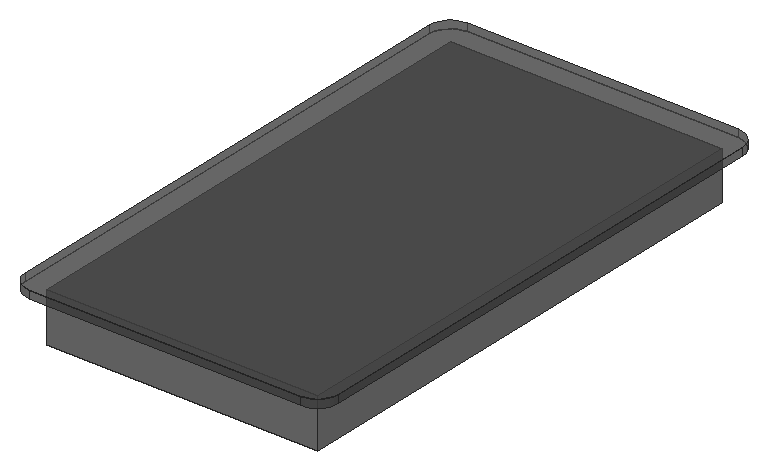
Revit family "Поверхность варочная двухконфорочная", category Оборудование, Revit 2017
Family settings
  Размер круглого соединителя = Использовать диаметр
  Тип детали = Нормальный
  На основе рабочей плоскости = Нет
  Всегда вертикально = Да
  При загрузке вырезать с полостями = Нет
  Общий = Нет
  Точка расчета площади = Нет
Parameters (values of type "Gefest ПВИ 4000")
  Ширина = 300.0 mm
  Число полюсов = 1
  Примечание = ""
  Позиция = ""
  Обозначение = "ПВИ 4000"
  Напряжение = 220 V
  Наименование = "Панель варочная двухконфорочная"
  Мощность номинальная = 3500 W
  Масса = ""
  Код оборудования = "-"
  Keynote = ""
  Изготовитель = "Severin"
  Задание = "ЭМ"
  Завод = "Gefest, Республика Беларусь"
  Единицы = "шт."
  Группа модели = "ТХ"  # constant formula
  Глубина = 525.0 mm
Reference planes
  plane 1 "По центру (Вперед/Назад)": y = 0
  plane 2: z = 0
  plane 3 "По центру (Влево/Вправо)": x = 0
  plane 4: y = 262.5
  plane 5: y = -262.5
  plane 6: x = -150
  plane 7: x = 150
Forms (mm)
  Extrusion 1, solid, material "Стекло чёрное непрозрачное", detail levels fine
    sketch origin (0, 0, 0) x (1, 0, 0) y (0, 1, 0)
      loop
        arc (-130, 262.5) -> (-144.142, 256.642) -> (-150, 242.5) r 20
        line (-150, 242.5) -> (-150, -242.5)
        arc (-150, -242.5) -> (-144.142, -256.642) -> (-130, -262.5) r 20
        line (-130, -262.5) -> (130, -262.5)
        arc (130, -262.5) -> (144.142, -256.642) -> (150, -242.5) r 20
        line (150, -242.5) -> (150, 242.5)
        arc (150, 242.5) -> (144.142, 256.642) -> (130, 262.5) r 20
        line (130, 262.5) -> (-130, 262.5)
    from 10 to 2
  Extrusion 2, solid, material "Стекло чёрное", detail levels fine
    sketch origin (0, 0, 2) x (0, 1, 0) y (1, 0, 0)
      loop
        circle (-175.987, -85.065) r 10
    from 45 to 35
  Extrusion 3, solid, material "Сталь, окрашенная, темно-серая, матовая"
    sketch origin (0, 0, 0) x (1, 0, 0) y (0, 1, 0)
      loop
        line (-130, 242.5) -> (-130, -242.5) -> (130, -242.5) -> (130, 242.5) -> (-130, 242.5)
    from 2 to -45
Lines and regions (mm)
  Split face 1
    outline origin (0, 0, 10) x (1, 0, 0) y (0, 1, 0)
      loop
        circle (0, 132.5) r 100
  Split face 2
    outline origin (0, 0, 10) x (1, 0, 0) y (0, 1, 0)
      loop
        circle (0, -92.5) r 100
  Split face 3
    outline origin (0, 0, 10) x (1, 0, 0) y (0, 1, 0)
      loop
        circle (0, -242.627) r 10
  Split face 4
    outline origin (0, 0, 10) x (1, 0, 0) y (0, 1, 0)
      loop
        circle (50, -242.627) r 10
  Split face 5
    outline origin (0, 0, 10) x (1, 0, 0) y (0, 1, 0)
      loop
        circle (-50, -242.627) r 10
  Split face 6
    outline origin (0, 0, 10) x (1, 0, 0) y (0, 1, 0)
      loop
        circle (0, -221.348) r 5
  Split face 7
    outline origin (0, 0, 10) x (1, 0, 0) y (0, 1, 0)
      loop
        circle (0, 132.5) r 92
  Split face 8
    outline origin (0, 0, 10) x (1, 0, 0) y (0, 1, 0)
      loop
        circle (0, -92.5) r 92
  symbolic lines, detail levels coarse+medium
    curve 1: circle (0, 132.5, 0) r 100 normal (0, 0, 1)
    curve 2: circle (0, -92.5, 0) r 100 normal (0, 0, -1)
    curve 3: circle (0, -221.348, 0) r 5 normal (0, 0, 1)
    curve 4: circle (0, -242.627, 0) r 10 normal (0, 0, 1)
    curve 5: circle (50, -242.627, 0) r 10 normal (0, 0, 1)
    curve 6: circle (-50, -242.627, 0) r 10 normal (0, 0, -1)
    curve 7: circle (0, -92.5, 0) r 100 normal (0, 0, 1)
    curve 8: arc (150, 242.5, 0) -> (144.142, 256.642, 0) -> (130, 262.5, 0) r 20
    curve 9: line (130, 262.5, 0) -> (-130, 262.5, 0)
    curve 10: arc (-130, 262.5, 0) -> (-144.142, 256.642, 0) -> (-150, 242.5, 0) r 20
    curve 11: line (-150, 242.5, 0) -> (-150, -242.5, 0)
    curve 12: arc (-150, -242.5, 0) -> (-144.142, -256.642, 0) -> (-130, -262.5, 0) r 20
    curve 13: line (-130, -262.5, 0) -> (130, -262.5, 0)
    curve 14: arc (130, -262.5, 0) -> (144.142, -256.642, 0) -> (150, -242.5, 0) r 20
    curve 15: line (150, -242.5, 0) -> (150, 242.5, 0)
    curve 16: circle (0, 132.5, 0) r 92 normal (0, 0, 1)
    curve 17: circle (0, -92.5, 0) r 92 normal (0, 0, 1)
Dimensions and locks
  "Ширина": plane 6 to plane 7
  "Глубина": plane 4 to plane 5
  aligned and locked: level to plane 2
Automatic sketch dimensions
  Extrusion 1 sketch curve to plane 6 = 0.0 mm
  Extrusion 1 sketch curve to plane 4 = 0.0 mm
  Extrusion 1 sketch curve to plane 5 = 0.0 mm
  Extrusion 1 sketch curve to plane 7 = 0.0 mm
  plane 6 to Extrusion 1 sketch curve = 20.0 mm
  Extrusion 1 sketch curve to plane 4 = 20.0 mm
  plane 5 to Extrusion 1 sketch curve = 20.0 mm
  Extrusion 1 sketch curve to plane 7 = 20.0 mm
  Extrusion 1 to Extrusion 2 sketch curve = 86.513 mm
  Extrusion 1 to Extrusion 2 sketch curve = 64.935 mm
  Split face 1 sketch curve to Extrusion 1 = 150.0 mm
  Split face 1 sketch curve to Extrusion 1 = 130.0 mm
  curve 1 to curve 16 = 0.0 mm  (x2)
  curve 2 to curve 7 = 0.0 mm
  curve 2 to curve 17 = 0.0 mm  (x2)
  curve 7 to curve 17 = 0.0 mm
  curve 11 to plane 6 = 0.0 mm
  curve 9 to plane 4 = 0.0 mm
  curve 4 to plane 3 "По центру (Влево/Вправо)" = 0.0 mm
  curve 3 to plane 3 "По центру (Влево/Вправо)" = 0.0 mm
  curve 1 to plane 3 "По центру (Влево/Вправо)" = 0.0 mm
  curve 2 to plane 3 "По центру (Влево/Вправо)" = 0.0 mm
  curve 15 to plane 7 = 0.0 mm
  plane 5 to curve 12 = 20.0 mm
  curve 10 to plane 4 = 20.0 mm
  plane 5 to curve 6 = 19.873 mm
  curve 6 to plane 3 "По центру (Влево/Вправо)" = 50.0 mm
  plane 5 to curve 5 = 19.873 mm
  plane 3 "По центру (Влево/Вправо)" to curve 5 = 50.0 mm
  curve 8 to plane 4 = 20.0 mm
  plane 5 to curve 4 = 19.873 mm
  curve 4 to curve 3 = 21.279 mm
  plane 1 "По центру (Вперед/Назад)" to curve 7 = 92.5 mm
  curve 16 to plane 4 = 130.0 mm
  plane 6 to Extrusion 3 sketch curve = 20.0 mm
  Extrusion 3 sketch curve to plane 4 = 20.0 mm
  Extrusion 3 sketch curve to plane 7 = 20.0 mm
  plane 5 to Extrusion 3 sketch curve = 20.0 mm
  curve 13 to plane 5 = 0.0 mm
  curve 13 to plane 7 = 20.0 mm
  radius of Extrusion 2 sketch curve = 10.0 mm
  radius of Split face 1 sketch curve = 100.0 mm
  radius of curve 1 = 100.0 mm
  radius of curve 2 = 100.0 mm
  radius of curve 3 = 5.0 mm
  radius of curve 4 = 10.0 mm
  radius of curve 5 = 10.0 mm
  radius of curve 6 = 10.0 mm
  radius of curve 7 = 100.0 mm
  radius of curve 16 = 92.0 mm
  radius of curve 17 = 92.0 mm
Connectors
  electrical at (-85.065, -175.987, -43), driven by "Напряжение", driven by "Мощность номинальная"
    settings: on Extrusion 2, index 1, voltage 220 V, apparent load 3500 VA, apparent load phase1 0 VA, apparent load phase2 0 VA, apparent load phase3 0 VA, power factor 1, load classification "Прочее", number of poles 1, system type 30, power factor state 1, is connector primary yes, connector utility no, sub classification motor no, connector description ""
